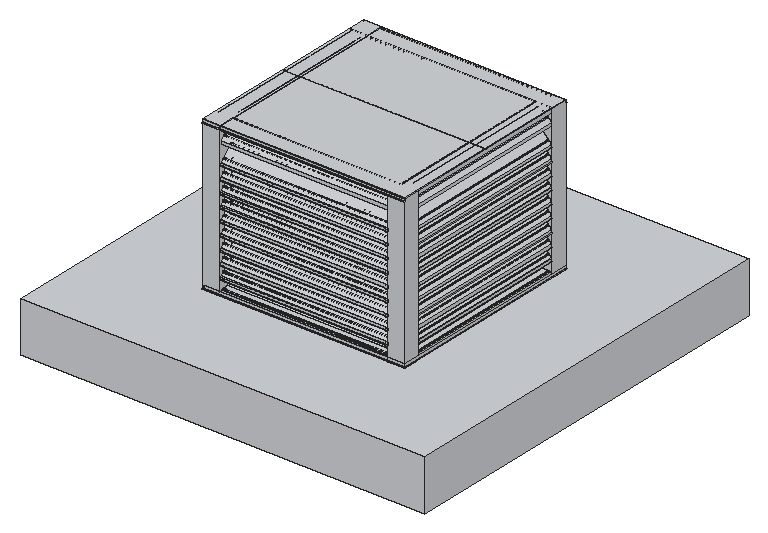
Revit family
Parameters (values of type "Louver_P-House_EPJ-445_All-Lite")
  Width = 4.0 ft
  URL = "http://www.alllite-louvers.com"
  Specifications = "http://www.alllite-louvers.com/catalog/AEPJ-445-csi-specification.doc"
  SmartBIM Object Version = 3  # constant formula
  SmartBIM Object Created By = "Reed Construction Data"  # constant formula
  Roof = "0.063\" thick formed aluminum with anti-condensate roof under coating."
  Product URL = "http://www.alllite-louvers.com/catalog.php?model=EPJ-445"
  Pressure Loss (in.wg.) = "0.08"
  OmniClass Title = "Exterior Louvers and Grilles"  # constant formula
  OmniClass Code = "23-60 11 17"  # constant formula
  Model Number = "EPJ-445"  # constant formula
  Minimum Size = "12\" x 12\", 12\" high "
  Maximum Size - Single Section = "96\" x 96\", 48\" high."
  Material = "Mill finish 6063-T5 extruded aluminum.\r\n"
  Manufacturer = "All-Lite"  # constant formula
  Intake = "500 fpm"
  Height = 3.0 ft
  Free Area for 48”x48” Louver = "50.6%"
  Free Area Velocity (fpm) = "689"
  Free Area (ft²) for 48"x48" Louver = 8.1 ft
  Exhaust = "700 fpm"
  Design Load = "30 psf"
  Depth = 4.0 ft
  Default Elevation = 0.0 ft
  Cut Sheet = "http://www.alllite-louvers.com/catalog/AEPJ445.pdf"
  Curb Leg Thikness = 0.333 ft
  Curb Height = 0.167 ft
  Blades Depth = Depth - 0.345378 ft * 2  # 3.309245 ft
  Blades Width = Width - 0.345378 ft * 2  # 3.309245 ft
  Unit = Mill Finish 6063-T5 Extruded Aluminum
  Assembly Code = "B2010300"
  Air Volume Delivered (cfm) = "5,549"
  95 CSI = "10200"  # constant formula
  04 CSI = "08 91 00"  # constant formula
  # Of Louvers = Height / 0.333333 ft  # 9
Reference planes (ft)
  plane 1 "Center (Front/Back)": y = 0
  plane 2: z = 0
  plane 3 "Center (Left/Right)": x = 0
  plane 4: x = 2
  plane 5: x = -2
  plane 6: y = 2
  plane 7: y = -2
  plane 8 "Curb": z = 0
  plane 9: z = 3
  plane 10: z = 1.5
  plane 11: x = -1.82519
  plane 12: z = 0.058981
  plane 13: z = -0.167
  plane 14: z = 0.325397
  plane 15: z = 2.674603
  plane 16: y = 1.666667
  plane 17: y = -1.666667
  plane 18: x = 1.666667
  plane 19: x = -1.666667
  plane 20: x = 1.82519
  plane 21: y = -1.825112
  plane 22: y = 1.825112
Forms (ft)
  Extrusion 1, solid
    sketch origin (0, 0, 0) x (1, 0, 0) y (0, 1, 0)
      loop
        line (-4, 4) -> (-4, -4) -> (4, -4) -> (4, 4) -> (-4, 4)
    from 0 to -1
  Extrusion 2, solid, material "Mill Finish 6063-T5 Extruded Aluminum" <- "Unit"
    sketch origin (0, 0, 0) x (1, 0, 0) y (0, 1, 0)
      loop
        line (-2, 2) -> (-2, 1.667) -> (-1.667, 1.667) -> (-1.667, 2) -> (-2, 2)
      loop
        line (2, 2) -> (1.667, 2) -> (1.667, 1.667) -> (2, 1.667) -> (2, 2)
      loop
        line (-2, -2) -> (-1.667, -2) -> (-1.667, -1.667) -> (-2, -1.667) -> (-2, -2)
      loop
        line (2, -2) -> (2, -1.667) -> (1.667, -1.667) -> (1.667, -2) -> (2, -2)
    from 0 to -0.167
  Sweep 3, solid, material "Mill Finish 6063-T5 Extruded Aluminum" <- "Unit"
    path origin (-5.260325, -15, 0) x (-1, 0, 0) y (0, -1, 0)
      loop
        line (-3.260325, -17) -> (-3.260325, -13) -> (-7.260325, -13) -> (-7.260325, -17) -> (-3.260325, -17)
    profile origin (0, 2, 0) x (0, 1, 0) y (0, 0, 1)
      loop
        line (0.003525, 0.00385) -> (-0.010825, 0.0182) -> (-0.010825, 0.058981) -> (-0.016033, 0.058981) -> (-0.016033, 0.016043) -> (-0.000158, 0.000168) -> (0.003525, 0.00385)
  Extrusion 4, solid, material "Mill Finish 6063-T5 Extruded Aluminum" <- "Unit"
    sketch origin (-5.260325, -15, 0) x (-1, 0, 0) y (0, -1, 0)
      loop
        line (-3.27115, -16.989175) -> (-3.27115, -16.654539) -> (-3.605785, -16.654539) -> (-3.605785, -16.989175) -> (-3.27115, -16.989175)
      loop
        line (-7.2495, -16.989175) -> (-6.914864, -16.989175) -> (-6.914864, -16.654539) -> (-7.2495, -16.654539) -> (-7.2495, -16.989175)
      loop
        line (-3.27115, -13.010825) -> (-3.605785, -13.010825) -> (-3.605785, -13.345461) -> (-3.27115, -13.345461) -> (-3.27115, -13.010825)
      loop
        line (-7.2495, -13.010825) -> (-7.2495, -13.345461) -> (-6.914864, -13.345461) -> (-6.914864, -13.010825) -> (-7.2495, -13.010825)
    from 0.058981 to 3
  Sweep 5, solid, material "Mill Finish 6063-T5 Extruded Aluminum" <- "Unit"
    path origin (-5.468869, -15, 3) x (-1, 0, 0) y (0, -1, 0)
      loop
        line (-3.484902, -16.983967) -> (-3.484902, -13.016033) -> (-7.452835, -13.016033) -> (-7.452835, -16.983967) -> (-3.484902, -16.983967)
    profile "Profile1 : Profile1" origin (0, 1.983967, 3) x (0, 1, 0) y (0, 0, 1)
      loop
        line (0, 0) -> (-0.031746, 0) -> (-0.031746, -0.007937) -> (-0.007937, -0.007937) -> (-0.007937, -0.079365) -> (-0.166667, -0.095238) -> (-0.24352, -0.087553)
        arc (-0.24352, -0.087553) -> (-0.246988, -0.085597) -> (-0.247895, -0.08172) r 0.004951
        arc (-0.247895, -0.08172) -> (-0.24878, -0.073675) -> (-0.253978, -0.06747) r 0.013974
        line (-0.253978, -0.06747) -> (-0.258619, -0.072111)
        arc (-0.258619, -0.072111) -> (-0.261428, -0.086826) -> (-0.265019, -0.072282) r 0.007667
        line (-0.265019, -0.072282) -> (-0.269612, -0.067689)
        arc (-0.269612, -0.067689) -> (-0.274385, -0.073447) -> (-0.275506, -0.080842) r 0.013974
        arc (-0.275506, -0.080842) -> (-0.277092, -0.085278) -> (-0.281595, -0.086665) r 0.005262
        line (-0.281595, -0.086665) -> (-0.325397, -0.079365) -> (-0.325397, -0.007937) -> (-0.301587, -0.007937) -> (-0.301587, 0) -> (-0.333333, 0) -> (-0.333333, -0.087302) -> (-0.16626, -0.103601) -> (-0.087938, -0.18584)
        arc (-0.087938, -0.18584) -> (-0.086445, -0.189758) -> (-0.088192, -0.19357) r 0.005424
        arc (-0.088192, -0.19357) -> (-0.093328, -0.204648) -> (-0.089131, -0.216115) r 0.015961
        line (-0.089131, -0.216115) -> (-0.083333, -0.210317)
        arc (-0.083333, -0.210317) -> (-0.077381, -0.197536) -> (-0.071429, -0.210317) r 0.007777
        line (-0.071429, -0.210317) -> (-0.063492, -0.210317) -> (-0.007937, -0.265873) -> (-0.007937, -0.325397) -> (0, -0.325397) -> (0, -0.261905) -> (-0.155662, -0.106243)
        arc (-0.155662, -0.106243) -> (-0.156089, -0.104354) -> (-0.154568, -0.103154) r 0.001815
        line (-0.154568, -0.103154) -> (0, -0.086884) -> (0, 0)
  Sweep 6, solid, material "Mill Finish 6063-T5 Extruded Aluminum" <- "Unit"
    path origin (0, 0, 0) x (1, 0, 0) y (0, 1, 0)
      loop
        line (-1.983967, 1.983967) -> (-1.983967, -1.983967) -> (1.983967, -1.983967) -> (1.983967, 1.983967) -> (-1.983967, 1.983967)
    profile "Profile2 : Profile2" origin (0, 1.983967, 0) x (0, 1, 0) y (0, 0, 1)
      loop
        line (-0.330729, 0) -> (-0.298983, 0) -> (-0.298983, 0.007937) -> (-0.322793, 0.007937) -> (-0.322793, 0.079365) -> (-0.164062, 0.095238) -> (-0.087209, 0.087553)
        arc (-0.087209, 0.087553) -> (-0.083741, 0.085597) -> (-0.082835, 0.08172) r 0.004951
        arc (-0.082835, 0.08172) -> (-0.081949, 0.073675) -> (-0.076751, 0.06747) r 0.013974
        line (-0.076751, 0.06747) -> (-0.07211, 0.072111)
        arc (-0.07211, 0.072111) -> (-0.069302, 0.086826) -> (-0.06571, 0.072282) r 0.007667
        line (-0.06571, 0.072282) -> (-0.061117, 0.067689)
        arc (-0.061117, 0.067689) -> (-0.056344, 0.073447) -> (-0.055224, 0.080842) r 0.013974
        arc (-0.055224, 0.080842) -> (-0.053637, 0.085278) -> (-0.049134, 0.086665) r 0.005262
        line (-0.049134, 0.086665) -> (-0.005332, 0.079365) -> (-0.005332, 0.007937) -> (-0.029142, 0.007937) -> (-0.029142, 0) -> (0.002604, 0) -> (0.002604, 0.087302) -> (-0.164469, 0.103601) -> (-0.242791, 0.18584)
        arc (-0.242791, 0.18584) -> (-0.244284, 0.189758) -> (-0.242537, 0.19357) r 0.005424
        arc (-0.242537, 0.19357) -> (-0.237401, 0.204648) -> (-0.241598, 0.216115) r 0.015961
        line (-0.241598, 0.216115) -> (-0.247396, 0.210317)
        arc (-0.247396, 0.210317) -> (-0.253348, 0.197536) -> (-0.259301, 0.210317) r 0.007777
        line (-0.259301, 0.210317) -> (-0.267237, 0.210317) -> (-0.322793, 0.265873) -> (-0.322793, 0.325397) -> (-0.330729, 0.325397) -> (-0.330729, 0.261905) -> (-0.175068, 0.106243)
        arc (-0.175068, 0.106243) -> (-0.17464, 0.104354) -> (-0.176161, 0.103154) r 0.001815
        line (-0.176161, 0.103154) -> (-0.330729, 0.086884) -> (-0.330729, 0)
  Extrusion 7, solid, material "Mill Finish 6063-T5 Extruded Aluminum" <- "Unit"
    sketch origin (-2, 5, 4) x (0, 1, 0) y (0, 0, -1)
      loop
        line (-2.991267, 1.055131) -> (-2.99495, 1.058814) -> (-3.010825, 1.042938) -> (-3.010825, 1) -> (-5, 1) -> (-5, 0.994792) -> (-3.005617, 0.994792) -> (-3.005617, 1) -> (-3.005617, 1.040781) -> (-2.991267, 1.055131)
    from -4 to 0
  Extrusion 8, solid, material "Mill Finish 6063-T5 Extruded Aluminum" <- "Unit"
    sketch origin (-2, -5, 4) x (0, -1, 0) y (0, 0, 1)
      loop
        line (-2.991267, -1.055131) -> (-3.005617, -1.040781) -> (-3.005617, -1) -> (-3.005617, -0.994792) -> (-5, -0.994792) -> (-5, -1) -> (-3.010825, -1) -> (-3.010825, -1.042938) -> (-2.99495, -1.058814) -> (-2.991267, -1.055131)
    from -4 to 0
Cuts and joins
  joined: Extrusion 4, Sweep 5, Sweep 6
Dimensions and locks (ft)
  equal spacing: plane 6, plane 1 "Center (Front/Back)", plane 7
  equal spacing: plane 5, plane 3 "Center (Left/Right)", plane 4
  "Depth": plane 6 to plane 7
  "Width": plane 5 to plane 4
  "Curb Leg Thikness": plane 5 to Extrusion 2 sketch curve  (x2)
  "Curb Leg Thikness": plane 6 to Extrusion 2 sketch curve  (x2)
  "Curb Leg Thikness": Extrusion 2 sketch curve to plane 4  (x2)
  "Curb Leg Thikness": plane 7 to Extrusion 2 sketch curve  (x2)
  equal spacing: plane 9, plane 10, plane 8 "Curb"
  "Height": plane 9 to plane 8 "Curb"
  locked: plane 6 to Extrusion 4 sketch curve at 0.345461
  locked: plane 5 to Extrusion 4 sketch curve at 0.345461
  locked: plane 7 to Extrusion 4 sketch curve at 0.345461
  locked: Extrusion 4 sketch curve to plane 4 at 0.345461
  locked: plane 5 to plane 11 at 0.17481
  locked: plane 12 to plane 8 "Curb" at 0.058981
  "Curb Height": level to plane 13
  locked: plane 8 "Curb" to level
  locked: plane 14 to level at 0.325397
  locked: plane 9 to plane 15 at 0.325397
  locked: Sweep 3 sketch curve to Sweep 3 sketch curve at 0.005208
  locked: plane 6 to plane 16 at 0.333333
  locked: plane 7 to plane 17 at 0.333333
  locked: plane 18 to plane 4 at 0.333333
  locked: plane 19 to plane 5 at 0.333333
  locked: plane 19 to Extrusion 4 sketch curve at 0.012127
  locked: Extrusion 4 sketch curve to plane 18 at 0.012127
  locked: plane 17 to Extrusion 4 sketch curve at 0.012127
  locked: plane 16 to Extrusion 4 sketch curve at 0.012127
  equal spacing: group 1, group 3, group 13, group 14, group 15, group 25, group 26, group 27, group 2  (x3)
  locked: plane 20 to plane 4 at 0.17481
  equal spacing: group 4, group 6, group 16, group 17, group 18, group 28, group 29, group 30, group 5  (x3)
  locked: plane 7 to plane 21 at 0.174888
  equal spacing: group 7, group 9, group 19, group 20, group 21, group 31, group 32, group 33, group 8  (x3)
  locked: plane 6 to plane 22 at 0.174888
  equal spacing: group 10, group 12, group 22, group 23, group 24, group 34, group 35, group 36, group 11  (x3)
  locked: Extrusion 7 sketch curve to Extrusion 7 sketch curve at 0.005208  (x2)
  locked: plane 6 to Extrusion 7 sketch curve at 0.005617
  locked: Extrusion 7 sketch curve to Extrusion 7 sketch curve at 0.020294
  locked: Extrusion 7 sketch curve to plane 9 at 0.005208
  locked: Extrusion 8 sketch curve to Extrusion 8 sketch curve at 0.005208  (x2)
  locked: Extrusion 8 sketch curve to Extrusion 8 sketch curve at 0.020294
  aligned and locked: plane 2 to Extrusion 1
  aligned and locked: level to Extrusion 1
  aligned and locked: plane 5 to Extrusion 2 sketch curve  (x2)
  aligned and locked: Extrusion 2 sketch curve to plane 6
  aligned and locked: plane 6 to Extrusion 2 sketch curve
  aligned and locked: plane 4 to Extrusion 2 sketch curve
  aligned and locked: Extrusion 2 sketch curve to plane 5
  aligned and locked: Extrusion 2 sketch curve to plane 4
  aligned and locked: plane 7 to Extrusion 2 sketch curve
  aligned and locked: Extrusion 2 sketch curve to plane 7
  aligned and locked: Extrusion 2 to level
  aligned and locked: Sweep 3 sketch curve to Extrusion 2  (x3)
  aligned and locked: Extrusion 2 to Sweep 3 sketch curve
  aligned and locked: Extrusion 4 sketch curve to Sweep 3  (x6)
  aligned and locked: Sweep 3 to Extrusion 4 sketch curve  (x2)
  aligned and locked: plane 9 to Extrusion 4
  aligned and locked: Extrusion 4 to plane 12
  aligned and locked: plane 13 to Extrusion 2
  aligned and locked: Sweep 3 to Sweep 5 sketch curve
  aligned and locked: nested 1 to plane 14
  aligned and locked: plane 11 to nested 1
  aligned and locked: plane 15 to nested 2
  aligned and locked: plane 11 to nested 2
  aligned and locked: nested 2 to plane 1 "Center (Front/Back)"
  aligned and locked: plane 14 to nested 4
  aligned and locked: nested 4 to plane 20
  aligned and locked: nested 5 to plane 15
  aligned and locked: nested 5 to plane 20
  aligned and locked: plane 1 "Center (Front/Back)" to nested 4
  aligned and locked: plane 1 "Center (Front/Back)" to nested 5
  aligned and locked: plane 14 to nested 7
  aligned and locked: plane 21 to nested 7
  aligned and locked: nested 7 to plane 3 "Center (Left/Right)"
  aligned and locked: nested 8 to plane 15
  aligned and locked: plane 21 to nested 8
  aligned and locked: nested 8 to plane 3 "Center (Left/Right)"
  aligned and locked: nested 10 to plane 14
  aligned and locked: nested 10 to plane 22
  aligned and locked: plane 3 "Center (Left/Right)" to nested 10
  aligned and locked: nested 11 to plane 22
  aligned and locked: plane 15 to nested 11
  aligned and locked: plane 3 "Center (Left/Right)" to nested 11
  aligned and locked: plane 1 "Center (Front/Back)" to Extrusion 7 sketch curve
  aligned and locked: plane 4 to Extrusion 7
  aligned and locked: plane 5 to Extrusion 7
  aligned and locked: plane 4 to Extrusion 8
  aligned and locked: plane 5 to Extrusion 8
  aligned and locked: Sweep 5 sketch curve to Sweep 3  (x2)
Automatic sketch dimensions
  Extrusion 1 sketch curve to Extrusion 1 sketch curve = 8.0 ft  (x2)
  profile plane to Sweep 3 sketch curve = 0.016033 ft
  profile plane to Sweep 3 sketch curve = 0.000158 ft
  Sweep 3 sketch curve to profile plane = 0.003525 ft
  plane 8 "Curb" to Sweep 3 sketch curve = 0.000168 ft
  plane 8 "Curb" to Sweep 3 sketch curve = 0.00385 ft
  Sweep 3 sketch curve to Sweep 3 sketch curve = 0.040781 ft
  Sweep 6 sketch curve to plane 5 = 0.016033 ft
  Sweep 6 sketch curve to plane 4 = 0.016033 ft
  Sweep 6 sketch curve to plane 7 = 0.016033 ft
  Sweep 6 sketch curve to plane 6 = 0.016033 ft
  Extrusion 7 sketch curve to plane 9 = 0.0 ft  (x2)
  Extrusion 7 sketch curve to plane 6 = 0.00505 ft
  plane 9 to Extrusion 7 sketch curve = 0.040781 ft
  Extrusion 8 sketch curve to plane 1 "Center (Front/Back)" = 0.0 ft
  Extrusion 8 sketch curve to plane 9 = 0.0 ft  (x2)
  plane 7 to Extrusion 8 sketch curve = 0.010825 ft
  Extrusion 8 sketch curve to plane 7 = 0.00505 ft
  Extrusion 8 sketch curve to plane 9 = 0.005208 ft
  Extrusion 8 sketch curve to Extrusion 8 sketch curve = 0.040781 ft
  Sweep 5 sketch curve to plane 4 = 0.016033 ft
Nested families (ft)
  nested 1: "Louver-1" at (-1.82519, 0, 0.272828) x (0, 1, 0) z (0, 0, 1), type "Louver-1"
    with Louver Length 3.309245 ft
  nested 2: "Louver-1" at (-1.82519, 0, 2.284168) x (0, 1, 0) z (0, 0, 1), type "Louver-1"
    with Louver Length 3.309245 ft
  nested 3: "Louver-1" at (-1.82519, 0, 0.524245) x (0, 1, 0) z (0, 0, 1), type "Louver-1"
    with Louver Length 3.309245 ft
  nested 4: "Louver-1" at (1.82519, 0, 0.272828) x (0, 1, 0) z (0, 0, 1), type "Louver-1"
    with Louver Length 3.309245 ft
  nested 5: "Louver-1" at (1.82519, 0, 2.284168) x (0, 1, 0) z (0, 0, 1), type "Louver-1"
    with Louver Length 3.309245 ft
  nested 6: "Louver-1" at (1.82519, 0, 0.524245) x (0, 1, 0) z (0, 0, 1), type "Louver-1"
    with Louver Length 3.309245 ft
  nested 7: "Louver-1" at (0, -1.825112, 0.272828), type "Louver-1 2"
    with Louver Length 3.309245 ft
  nested 8: "Louver-1" at (0, -1.825112, 2.284168), type "Louver-1 2"
    with Louver Length 3.309245 ft
  nested 9: "Louver-1" at (0, -1.825112, 0.524245), type "Louver-1 2"
    with Louver Length 3.309245 ft
  nested 10: "Louver-1" at (0, 1.825112, 0.272828), type "Louver-1 2"
    with Louver Length 3.309245 ft
  nested 11: "Louver-1" at (0, 1.825112, 2.284168), type "Louver-1 2"
    with Louver Length 3.309245 ft
  nested 12: "Louver-1" at (0, 1.825112, 0.524245), type "Louver-1 2"
    with Louver Length 3.309245 ft
  nested 13: "Louver-1" at (-1.82519, 0, 0.775663) x (0, 1, 0) z (0, 0, 1), type "Louver-1"
    with Louver Length 3.309245 ft
  nested 14: "Louver-1" at (-1.82519, 0, 1.02708) x (0, 1, 0) z (0, 0, 1), type "Louver-1"
    with Louver Length 3.309245 ft
  nested 15: "Louver-1" at (-1.82519, 0, 1.278498) x (0, 1, 0) z (0, 0, 1), type "Louver-1"
    with Louver Length 3.309245 ft
  nested 16: "Louver-1" at (1.82519, 0, 0.775663) x (0, 1, 0) z (0, 0, 1), type "Louver-1"
    with Louver Length 3.309245 ft
  nested 17: "Louver-1" at (1.82519, 0, 1.02708) x (0, 1, 0) z (0, 0, 1), type "Louver-1"
    with Louver Length 3.309245 ft
  nested 18: "Louver-1" at (1.82519, 0, 1.278498) x (0, 1, 0) z (0, 0, 1), type "Louver-1"
    with Louver Length 3.309245 ft
  nested 19: "Louver-1" at (0, -1.825112, 0.775663), type "Louver-1 2"
    with Louver Length 3.309245 ft
  nested 20: "Louver-1" at (0, -1.825112, 1.02708), type "Louver-1 2"
    with Louver Length 3.309245 ft
  nested 21: "Louver-1" at (0, -1.825112, 1.278498), type "Louver-1 2"
    with Louver Length 3.309245 ft
  nested 22: "Louver-1" at (0, 1.825112, 0.775663), type "Louver-1 2"
    with Louver Length 3.309245 ft
  nested 23: "Louver-1" at (0, 1.825112, 1.02708), type "Louver-1 2"
    with Louver Length 3.309245 ft
  nested 24: "Louver-1" at (0, 1.825112, 1.278498), type "Louver-1 2"
    with Louver Length 3.309245 ft
  nested 25: "Louver-1" at (-1.82519, 0, 1.529915) x (0, 1, 0) z (0, 0, 1), type "Louver-1"
    with Louver Length 3.309245 ft
  nested 26: "Louver-1" at (-1.82519, 0, 1.781333) x (0, 1, 0) z (0, 0, 1), type "Louver-1"
    with Louver Length 3.309245 ft
  nested 27: "Louver-1" at (-1.82519, 0, 2.03275) x (0, 1, 0) z (0, 0, 1), type "Louver-1"
    with Louver Length 3.309245 ft
  nested 28: "Louver-1" at (1.82519, 0, 1.529915) x (0, 1, 0) z (0, 0, 1), type "Louver-1"
    with Louver Length 3.309245 ft
  nested 29: "Louver-1" at (1.82519, 0, 1.781333) x (0, 1, 0) z (0, 0, 1), type "Louver-1"
    with Louver Length 3.309245 ft
  nested 30: "Louver-1" at (1.82519, 0, 2.03275) x (0, 1, 0) z (0, 0, 1), type "Louver-1"
    with Louver Length 3.309245 ft
  nested 31: "Louver-1" at (0, -1.825112, 1.529915), type "Louver-1 2"
    with Louver Length 3.309245 ft
  nested 32: "Louver-1" at (0, -1.825112, 1.781333), type "Louver-1 2"
    with Louver Length 3.309245 ft
  nested 33: "Louver-1" at (0, -1.825112, 2.03275), type "Louver-1 2"
    with Louver Length 3.309245 ft
  nested 34: "Louver-1" at (0, 1.825112, 1.529915), type "Louver-1 2"
    with Louver Length 3.309245 ft
  nested 35: "Louver-1" at (0, 1.825112, 1.781333), type "Louver-1 2"
    with Louver Length 3.309245 ft
  nested 36: "Louver-1" at (0, 1.825112, 2.03275), type "Louver-1 2"
    with Louver Length 3.309245 ft
Definition of nested family "Louver-1"
  Parameters (values of type "Louver-1")
    Louver Length = 3.75 ft
    Louver Array = yes
    Louver = Mill Finish 6063-T5 Extruded Aluminum
    Assembly Code = ""
  Reference planes (ft)
    plane 1 "Center (Front/Back)": y = 0
    plane 2: z = 0
    plane 3 "Center (Left/Right)": x = 0
    plane 4: x = -1.875
    plane 5: x = 1.875
    plane 6: z = 0.18686
    plane 7: z = 0.052569
    plane 8: y = 0.16276
    plane 9: z = 0.442844
    plane 10: y = -0.170573
    plane 11: z = 0.390435
  Forms (ft)
    Extrusion 1, solid, material "Mill Finish 6063-T5 Extruded Aluminum" <- "Louver", visible <- "Louver Array"
      sketch origin (0, -0.058594, 0) x (0, 1, 0) y (0, 0, 1)
        loop
          line (-0.104969, 0.387826) -> (-0.104969, 0.439469)
          arc (-0.104969, 0.439469) -> (-0.108474, 0.442975) -> (-0.111979, 0.439469) r 0.003505
          line (-0.111979, 0.439469) -> (-0.111979, 0.385291) -> (-0.033528, 0.30684)
          arc (-0.033528, 0.30684) -> (-0.032629, 0.304318) -> (-0.034011, 0.302026) r 0.003125
          arc (-0.034011, 0.302026) -> (-0.038482, 0.297044) -> (-0.039968, 0.290517) r 0.013333
          arc (-0.039968, 0.290517) -> (-0.036751, 0.287487) -> (-0.033721, 0.290703) r 0.003125
          arc (-0.033721, 0.290703) -> (-0.021632, 0.295923) -> (-0.026852, 0.283834) r 0.007083
          arc (-0.026852, 0.283834) -> (-0.030069, 0.280804) -> (-0.027038, 0.277587) r 0.003125
          arc (-0.027038, 0.277587) -> (-0.020511, 0.279074) -> (-0.015529, 0.283545) r 0.013333
          arc (-0.015529, 0.283545) -> (-0.013237, 0.284927) -> (-0.010715, 0.284027) r 0.003125
          line (-0.010715, 0.284027) -> (0.143555, 0.129756)
          arc (0.143555, 0.129756) -> (0.144455, 0.127235) -> (0.143073, 0.124943) r 0.003125
          arc (0.143073, 0.124943) -> (0.138602, 0.119961) -> (0.137115, 0.113434) r 0.013333
          arc (0.137115, 0.113434) -> (0.140332, 0.110403) -> (0.143363, 0.11362) r 0.003125
          arc (0.143363, 0.11362) -> (0.155451, 0.11884) -> (0.150232, 0.106751) r 0.007083
          arc (0.150232, 0.106751) -> (0.147015, 0.103721) -> (0.150045, 0.100504) r 0.003125
          arc (0.150045, 0.100504) -> (0.156572, 0.10199) -> (0.161554, 0.106461) r 0.013333
          arc (0.161554, 0.106461) -> (0.163847, 0.107843) -> (0.166368, 0.106944) r 0.003125
          line (0.166368, 0.106944) -> (0.214526, 0.058785) -> (0.214526, 0.005402)
          arc (0.214526, 0.005402) -> (0.216117, -0.000682) -> (0.221276, 0.002915) r 0.003833
          line (0.221276, 0.002915) -> (0.221276, 0.058992)
          arc (0.221276, 0.058992) -> (0.2208, 0.061384) -> (0.219445, 0.063412) r 0.00625
          line (0.219445, 0.063412) -> (-0.104969, 0.387826)
      from -1.875 to 1.875
  Dimensions and locks (ft)
    equal spacing: plane 4, plane 3 "Center (Left/Right)", plane 5
    "Louver Length": plane 4 to plane 5
    plane 1 "Center (Front/Back)" to plane 8 = 0.16276 ft  (x2)
    level to plane 9 = 0.442844 ft
    locked: plane 8 to plane 10 at 0.333333
    locked: plane 11 to plane 9 at 0.052409
    aligned and locked: Extrusion 1 to plane 4
    aligned and locked: plane 5 to Extrusion 1
    aligned and locked: Extrusion 1 sketch curve to plane 10
  Automatic sketch dimensions
    Extrusion 1 sketch curve to Extrusion 1 sketch curve = 0.0 ft  (x20)
    Extrusion 1 sketch curve to Extrusion 1 sketch curve = 0.003505 ft
    Extrusion 1 sketch curve to Extrusion 1 sketch curve = 0.003124 ft  (x4)
    Extrusion 1 sketch curve to Extrusion 1 sketch curve = 0.001106 ft  (x2)
    Extrusion 1 sketch curve to Extrusion 1 sketch curve = 0.001727 ft  (x2)
    Extrusion 1 sketch curve to Extrusion 1 sketch curve = 0.00221 ft  (x4)
    Extrusion 1 sketch curve to Extrusion 1 sketch curve = 0.006683 ft  (x2)
    Extrusion 1 sketch curve to Extrusion 1 sketch curve = 0.000093 ft  (x2)
    Extrusion 1 sketch curve to Extrusion 1 sketch curve = 0.000211 ft  (x2)
    Extrusion 1 sketch curve to Extrusion 1 sketch curve = 0.011322 ft  (x2)
    Extrusion 1 sketch curve to Extrusion 1 sketch curve = 0.002604 ft  (x2)
    Extrusion 1 sketch curve to plane 6 = 0.057103 ft
    Extrusion 1 sketch curve to plane 7 = 0.054375 ft
    Extrusion 1 sketch curve to Extrusion 1 sketch curve = 0.0005 ft
    Extrusion 1 sketch curve to Extrusion 1 sketch curve = 0.002917 ft
    Extrusion 1 sketch curve to plane 7 = 0.010843 ft
    Extrusion 1 sketch curve to Extrusion 1 sketch curve = 0.000207 ft
    level to Extrusion 1 sketch curve = 0.005402 ft
    plane 6 to Extrusion 1 sketch curve = 0.090727 ft
    Extrusion 1 sketch curve to Extrusion 1 sketch curve = 0.078451 ft
    Extrusion 1 sketch curve to Extrusion 1 sketch curve = 0.002536 ft
    Extrusion 1 sketch curve to plane 1 "Center (Front/Back)" = 0.078522 ft
    Extrusion 1 sketch curve to Extrusion 1 sketch curve = 0.050368 ft
    Extrusion 1 sketch curve to Extrusion 1 sketch curve = 0.004419 ft
    Extrusion 1 sketch curve to Extrusion 1 sketch curve = 0.001831 ft
    Extrusion 1 sketch curve to Extrusion 1 sketch curve = 0.07144 ft
    Extrusion 1 sketch curve to Extrusion 1 sketch curve = 0.051643 ft
